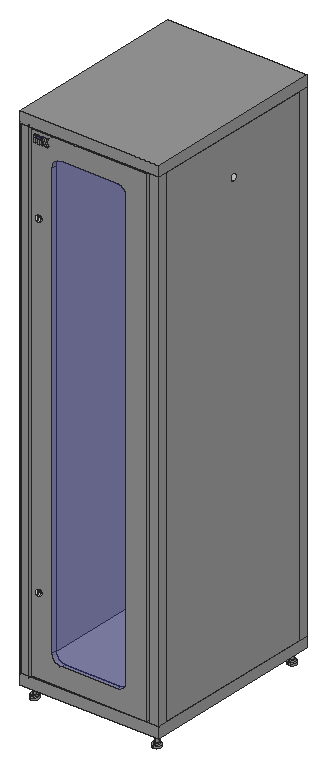
Revit family "ITK_Шкаф сетевой LINEA E_Напольный_18U-47U_IP20", category Электрооборудование, Revit 2019
Family settings
  Размер круглого соединителя = Использовать диаметр
  Тип детали = Другая панель
  На основе рабочей плоскости = Нет
  Всегда вертикально = Да
  При загрузке вырезать с полостями = Нет
  Общий = Нет
  Точка расчета площади = Нет
Parameters (values of type "В2220хШ600хГ800_Черный_2GM")
  Ширина = 600 mm
  Степень защиты = "IP20"
  Ролики = no
  Основание = 56 mm
  Материал стекла (перфорации) = Стекло
  Материал = Окраска - RAL 9005
  Изготовитель = "ITK"  # constant formula
  Дата изменения = ""
  Глубина = 800 mm
  Высота общая = Высота + Основание  # 2276 mm
  Высота = 2220 mm
  УГО двухдверного шкафа = yes
  Тип монтажа = "Напольный"  # constant formula
  ΔХ [instance] = 2000 mm
  ΔY [instance] = 2000 mm
  URL = "https://www.iek.ru/"
  KSI_CPr_Строительные изделия = "61.1.04.08"  # constant formula
  KSI_CMa_Строительные материалы = "10.03.02.06"  # constant formula
  IEK_Цена за единицу = 336888.37
  IEK_Поиск в таблице имен = ""
  IEK_Описание = "Широкий ассортимент исполнений и габаритов.\r\nСборно-разборная конструкция.\r\nL-образная форма 19\" монтажных профилей.\r\n19\" монтажные профили регулируются по глубине и имеют цифровую маркировку высоты в юнитах.\r\nДоступ к внутреннему пространству шкафа возможен с 4-х сторон.\r\nБоковые стенки съёмные, оснащены замком.\r\nВсе токопроводящие элементы конструкции имеют шпильки заземления.\r\nДва точечных дверных замка.\r\nДверь может легко и быстро перенавешиваться.\r\nЗащитная пленка на стекле у обзорной двери.\r\nВентилируемая дверь имеет 75% перфорации.\r\nПолностью совместимы с ассортиментом дверей шкафов LINEA N.\r\nХорошая естественная вентиляция, возможность установки дополнительных вентиляторных панелей серии ПВ.\r\nВозможна одновременная установка шкафа на ножки и на ролики.\r\nНаличие большого количества совместимых аксессуаров и комплектующих производства ITK.\r\nВыполнены в соответствии со стандартами IEC62208, IEC60950, ТР ТС 020/2011, ГОСТ 28601.1-90 и 28601.2-90, ГОСТ 14254.\r\nПоставляются в надёжной и прочной деревянной обрешётке."
  IEK_URL = "https://www.itk-group.ru/produktsiya/catalog/oborudovanie_telekommunikatsionnoe/shkafy_telekommunikatsionnye/shkafy_setevye_napolnye/shkafy_serii_linea_e/600x800mm/itk_shkaf_setevoy_napolnyy_linea_e_47u_600kh800mm_steklyannaya_perednyaya_dver_zadnyaya_metallicheskaya_chernyy"
  ADSK_Примечание = ""
  ADSK_Позиция [instance] = ""
  ADSK_Наименование = "ITK Шкаф сетевой 19\" LINEA E 47U В2220хШ600хГ800 мм, стеклянная передняя дверь, задняя металлическая, черный"
  ADSK_Материал обозначение = ""
  ADSK_Материал наименование = "Листовая сталь"  # constant formula
  ADSK_Масса = 134.79
  ADSK_Марка = "LINEA E"  # constant formula
  ADSK_Код изделия = "LE05-47U68-GM"
  ADSK_Завод-изготовитель = "IEK"  # constant formula
  ADSK_Единица измерения = "шт"  # constant formula
  ADSK_Группирование = "I. ЩИТЫ И ПУЛЬТЫ"  # constant formula
  ADSK_Версия семейства = "1.0"  # constant formula
  ADSK_Версия Revit = "2019"  # constant formula
  ADSK_URL страницы изделия = "https://www.itk-group.ru/produktsiya/catalog/oborudovanie_telekommunikatsionnoe/shkafy_telekommunikatsionnye/shkafy_setevye_napolnye/shkafy_serii_linea_e/600x800mm/?pagec=50"
Reference planes
  plane 1 "По центру (Вперед/Назад)": y = 0
  plane 2: z = 0
  plane 3 "По центру (Влево/Вправо)": x = 0
  plane 4: y = 400
  plane 5: y = -400
  plane 6: x = -300
  plane 7: x = 300
  plane 8 "Высота ножек": z = 56
  plane 9 "Смещение УГО по X": x = -2000
  plane 10 "Смещение УГО по Y": y = 2000
  plane 11: z = 2276
Forms (mm)
  Extrusion 1, solid, detail levels coarse
    sketch origin (0, 0, 0) x (1, 0, 0) y (0, 1, 0)
      loop
        line (-300, 400) -> (-300, -400) -> (300, -400) -> (300, 400) -> (-300, 400)
    from 0 to 2276 <- "Высота общая"
  Extrusion 2, solid, detail levels medium
    sketch origin (0, 0, 0) x (1, 0, 0) y (0, 1, 0)
      loop
        line (-300, 400) -> (-300, -400) -> (300, -400) -> (300, 400) -> (-300, 400)
    from 0 to 2276 <- "Высота общая"
Lines and regions (mm)
  reference lines
    curve 1: line (0, 90, 0) -> (0, -90, 0)
    curve 2: line (-140, 0, 0) -> (100, 0, 0)
Dimensions and locks
  equal spacing: plane 6, plane 3 "По центру (Влево/Вправо)", plane 7
  "Ширина": plane 6 to plane 7
  equal spacing: plane 4, plane 1 "По центру (Вперед/Назад)", plane 5
  "Глубина": plane 4 to plane 5
  "Основание": plane 8 "Высота ножек" to plane 2
  "ΔY": plane 10 "Смещение УГО по Y" to curve 2
  "ΔХ": plane 9 "Смещение УГО по X" to curve 1
  "Высота": plane 11 to plane 8 "Высота ножек"
  aligned and locked: level to plane 2
  aligned and locked: nested 1 to curve 1
  aligned and locked: nested 1 to curve 2
  aligned and locked: Extrusion 1 sketch curve to plane 4
  aligned and locked: Extrusion 1 sketch curve to plane 6
  aligned and locked: Extrusion 1 sketch curve to plane 7
  aligned and locked: Extrusion 1 sketch curve to plane 5
  aligned and locked: Extrusion 2 sketch curve to plane 6
  aligned and locked: Extrusion 2 sketch curve to plane 7
  aligned and locked: Extrusion 2 sketch curve to plane 4
  aligned and locked: Extrusion 2 sketch curve to plane 5
Automatic sketch dimensions
  curve 2 to plane 3 "По центру (Влево/Вправо)" = 140 mm
  plane 3 "По центру (Влево/Вправо)" to curve 2 = 100 mm
  plane 1 "По центру (Вперед/Назад)" to curve 1 = 90 mm
  curve 1 to plane 1 "По центру (Вперед/Назад)" = 90 mm
Nested families
  nested 1: "УГО_шкафа_ITK" at (0, 0, 0), type "УГО двудверного шкафа", detail levels coarse+medium
    with Ширина УГО 600 mm
  nested 2: "Ножки_ITK" at (0, 0, 0), type "Ножки_ITK", detail levels fine
    with Ширина 600 mm, Основание 56 mm
  nested 3: "Комплект роликов" at (0, 0, 0), visible <- "Ролики", Ширина <- "Ширина", Основание <- "Основание", Глубина <- "Глубина", type "Комплект роликов", detail levels fine
    with Ширина 600 mm, Основание 56 mm, Глубина 800 mm
  nested 4: "Панель боковая_ITK_2шт" at (0, 0, 0), type "Панель боковая_ITK_2шт", detail levels fine
    with Высота общая 2276 mm
  nested 5: "Основание_ITK_2шт" at (0, 0, 0), type "Основание_ITK_2шт", detail levels fine
    with Ширина 600 mm, Высота общая 2276 mm
  nested 6: "Стойка_ITK_комплект 4шт" at (0, 0, 0), type "Стойка_ITK_комплект 4шт", detail levels fine
    with Ширина 600 mm, Высота общая 2276 mm
  nested 7: "Комплект двери_мет_зад_ITK" at (0, 0, 0), type "Комплект двери_мет_зад_ITK", detail levels fine
    with Глубина 800 mm, Высота общая 2276 mm
  nested 8: "Комплект двери стеклянной_ITK" at (0, 0, 0), type "Комплект двери стеклянной_ITK", detail levels fine
    with Глубина 800 mm, Высота общая 2276 mm
Connectors
  electrical at (0, 0, 0)
    settings: on Extrusion 1, index 1, voltage 220 V, apparent load 0 VA, apparent load phase1 1 VA, apparent load phase2 0 VA, apparent load phase3 0 VA, power factor 1, load classification "Прочее", number of poles 1, system type 9, power factor state 1, is connector primary yes, connector utility no, sub classification motor no, connector description ""
Definition of nested family "Ножки_ITK"
  Parameters (values of type "Ножки_ITK")
    Ширина = 800 mm
    Основание = 43 mm
    Глубина = 800 mm
  Reference planes
    plane 1 "По центру (Вперед/Назад)": y = 0
    plane 2: z = 0
    plane 3 "По центру (Влево/Вправо)": x = 0
    plane 4: x = -400
    plane 5: x = 400
    plane 6: y = 400
    plane 7: y = -400
    plane 8: y = 365
    plane 9: y = -365
    plane 10 "Ось ножки-1": x = -365
    plane 11 "Ось ножки-2": x = 365
    plane 12: z = 43
  Forms (mm)
    Revolve 1, solid
      sketch origin (-365, 0, -0.503) x (0, 1, 0) y (0, 0, 1)
        loop
          line (-365, 43.503) -> (-365, 0.503) -> (-351, 0.503) -> (-351, 2) -> (-348, 2) -> (-348, 10)
          arc (-348, 10) -> (-348.586, 11.414) -> (-350, 12) r 2
          line (-350, 12) -> (-354.354, 12) -> (-354.354, 19)
          arc (-354.354, 19) -> (-354.647, 19.707) -> (-355.354, 20) r 1
          line (-355.354, 20) -> (-359, 20) -> (-359, 43.503) -> (-365, 43.503)
        axis (-365, 43.503) -> (-365, 0.503)
      angle from 0 to 360
    Revolve 2, solid
      sketch origin (365, 0, -0.503) x (0, 1, 0) y (0, 0, -1)
        loop
          line (-365, -43.503) -> (-359, -43.503) -> (-359, -20) -> (-355.354, -20)
          arc (-355.354, -20) -> (-354.647, -19.707) -> (-354.354, -19) r 1
          line (-354.354, -19) -> (-354.354, -12) -> (-350, -12)
          arc (-350, -12) -> (-348.586, -11.414) -> (-348, -10) r 2
          line (-348, -10) -> (-348, -2) -> (-351, -2) -> (-351, -0.503) -> (-365, -0.503) -> (-365, -43.503)
        axis (-365, -43.503) -> (-365, -0.503)
      angle from 0 to 360
    Revolve 3, solid
      sketch origin (-365, 0, -0.503) x (0, -1, 0) y (0, 0, -1)
        loop
          line (-365, -43.503) -> (-359, -43.503) -> (-359, -20) -> (-355.354, -20)
          arc (-355.354, -20) -> (-354.647, -19.707) -> (-354.354, -19) r 1
          line (-354.354, -19) -> (-354.354, -12) -> (-350, -12)
          arc (-350, -12) -> (-348.586, -11.414) -> (-348, -10) r 2
          line (-348, -10) -> (-348, -2) -> (-351, -2) -> (-351, -0.503) -> (-365, -0.503) -> (-365, -43.503)
        axis (-365, -43.503) -> (-365, -0.503)
      angle from 0 to 360
    Revolve 4, solid
      sketch origin (365, 0, -0.503) x (0, -1, 0) y (0, 0, 1)
        loop
          line (-365, 43.503) -> (-365, 0.503) -> (-351, 0.503) -> (-351, 2) -> (-348, 2) -> (-348, 10)
          arc (-348, 10) -> (-348.586, 11.414) -> (-350, 12) r 2
          line (-350, 12) -> (-354.354, 12) -> (-354.354, 19)
          arc (-354.354, 19) -> (-354.647, 19.707) -> (-355.354, 20) r 1
          line (-355.354, 20) -> (-359, 20) -> (-359, 43.503) -> (-365, 43.503)
        axis (-365, 43.503) -> (-365, 0.503)
      angle from 0 to 360
  Dimensions and locks
    equal spacing: plane 7, plane 1 "По центру (Вперед/Назад)", plane 6
    equal spacing: plane 4, plane 3 "По центру (Влево/Вправо)", plane 5
    "Ширина": plane 4 to plane 5
    "Глубина": plane 7 to plane 6
    "Основание": plane 12 to plane 2
    locked: plane 6 to plane 8 at 35
    locked: plane 7 to plane 9 at 35
    locked: plane 4 to plane 10 "Ось ножки-1" at 35
    locked: plane 11 "Ось ножки-2" to plane 5 at 35
    aligned and locked: level to plane 2
    aligned and locked: plane 10 "Ось ножки-1" to Revolve 1
    aligned and locked: plane 11 "Ось ножки-2" to Revolve 4
    aligned and locked: plane 11 "Ось ножки-2" to Revolve 2
    aligned and locked: plane 10 "Ось ножки-1" to Revolve 3
    aligned and locked: plane 12 to Revolve 1
    aligned and locked: Revolve 3 to plane 12
    aligned and locked: Revolve 2 to plane 12
    aligned and locked: plane 12 to Revolve 4
  Automatic sketch dimensions
    Revolve 1 sketch curve to plane 9 = 0 mm  (x2)
    level to Revolve 1 sketch curve = 0 mm
    Revolve 1 sketch curve to plane 9 = 6 mm
    Revolve 1 sketch curve to Revolve 1 sketch curve = 3.646 mm
    Revolve 1 sketch curve to Revolve 1 sketch curve = 1 mm
    Revolve 1 sketch curve to Revolve 1 sketch curve = 3.354 mm
    Revolve 1 sketch curve to Revolve 1 sketch curve = 4.354 mm
    Revolve 1 sketch curve to Revolve 1 sketch curve = 2 mm
    level to Revolve 1 sketch curve = 1.497 mm
    Revolve 1 sketch curve to plane 12 = 0 mm
    Revolve 1 sketch curve to level = 305.303 mm
    Revolve 2 sketch curve to plane 9 = 0 mm  (x2)
    level to Revolve 2 sketch curve = 0 mm
    Revolve 2 sketch curve to plane 9 = 6 mm
    Revolve 2 sketch curve to Revolve 2 sketch curve = 3.646 mm
    Revolve 2 sketch curve to Revolve 2 sketch curve = 1 mm
    Revolve 2 sketch curve to Revolve 2 sketch curve = 3.354 mm
    Revolve 2 sketch curve to Revolve 2 sketch curve = 4.354 mm
    Revolve 2 sketch curve to Revolve 2 sketch curve = 2 mm
    Revolve 2 sketch curve to plane 12 = 0 mm
    level to Revolve 2 sketch curve = 1.497 mm
    Revolve 2 sketch curve to level = 305.303 mm
    Revolve 3 sketch curve to plane 8 = 0 mm  (x2)
    level to Revolve 3 sketch curve = 0 mm
    Revolve 3 sketch curve to plane 8 = 6 mm
    Revolve 3 sketch curve to Revolve 3 sketch curve = 3.646 mm
    Revolve 3 sketch curve to Revolve 3 sketch curve = 1 mm
    Revolve 3 sketch curve to Revolve 3 sketch curve = 3.354 mm
    Revolve 3 sketch curve to Revolve 3 sketch curve = 4.354 mm
    Revolve 3 sketch curve to Revolve 3 sketch curve = 2 mm
    Revolve 3 sketch curve to plane 12 = 0 mm
    level to Revolve 3 sketch curve = 1.497 mm
    Revolve 3 sketch curve to level = 305.303 mm
    Revolve 4 sketch curve to plane 8 = 0 mm  (x2)
    level to Revolve 4 sketch curve = 0 mm
    Revolve 4 sketch curve to plane 8 = 6 mm
    Revolve 4 sketch curve to Revolve 4 sketch curve = 3.646 mm
    Revolve 4 sketch curve to Revolve 4 sketch curve = 1 mm
    Revolve 4 sketch curve to Revolve 4 sketch curve = 3.354 mm
    Revolve 4 sketch curve to Revolve 4 sketch curve = 4.354 mm
    Revolve 4 sketch curve to Revolve 4 sketch curve = 2 mm
    level to Revolve 4 sketch curve = 1.497 mm
    Revolve 4 sketch curve to plane 12 = 0 mm
    Revolve 4 sketch curve to level = 305.303 mm
    Revolve 1 sketch curve to Revolve 1 sketch curve = 8 mm
    Revolve 1 sketch curve to Revolve 1 sketch curve = 7 mm
    level to Revolve 2 sketch curve = 19.497 mm
    Revolve 2 sketch curve to Revolve 2 sketch curve = 7 mm
    level to Revolve 3 sketch curve = 19.497 mm
    Revolve 3 sketch curve to Revolve 3 sketch curve = 7 mm
    Revolve 4 sketch curve to Revolve 4 sketch curve = 8 mm
    Revolve 4 sketch curve to Revolve 4 sketch curve = 7 mm
    plane 12 to Revolve 1 sketch curve = 2387.897 mm
    plane 12 to Revolve 2 sketch curve = 2387.897 mm
    plane 12 to Revolve 3 sketch curve = 2387.897 mm
    plane 12 to Revolve 4 sketch curve = 2387.897 mm
Definition of nested family "Комплект роликов"
  Parameters (values of type "Комплект роликов")
    Ширина [instance] = 800 mm
    Основание [instance] = 43 mm
    Глубина [instance] = 800 mm
  Reference planes
    plane 1 "По центру (Вперед/Назад)": y = 0
    plane 2: z = 0
    plane 3 "По центру (Влево/Вправо)": x = 0
    plane 4: x = -400
    plane 5: x = 400
    plane 6: y = 400
    plane 7: y = -400
    plane 8: y = 300
    plane 9: y = -300
    plane 10 "Ось ножки-1": x = -300
    plane 11 "Ось ножки-2": x = 300
    plane 12: z = 43
    plane 13: z = 20
  Forms (mm)
    Revolve 1, solid
      sketch origin (-300, -12, 0) x (0, 1, 0) y (0, 0, 1)
        loop
          line (-300, 0) -> (-290, 0) -> (-290, 15) -> (-300, 15) -> (-310, 15) -> (-310, 0) -> (-300, 0)
        axis (-310, 20) -> (-290, 20)
      angle from 0 to 360
    Extrusion 2, solid
      sketch origin (-300.035, -12, 0) x (1, 0, 0) y (0, 0, 1)
        loop
          line (-35, 43) -> (-19.39, 18.019)
          arc (-19.39, 18.019) -> (-15.758, 14.572) -> (-10.91, 13.318) r 10
          line (-10.91, 13.318) -> (0, 13.318) -> (10.979, 13.318)
          arc (10.979, 13.318) -> (15.828, 14.572) -> (19.46, 18.019) r 10
          line (19.46, 18.019) -> (35.07, 43) -> (-35, 43)
      from 310 to 312
    Extrusion 3, solid
      sketch origin (-300.035, 10, 0) x (1, 0, 0) y (0, 0, 1)
        loop
          line (-35, 43) -> (-19.39, 18.019)
          arc (-19.39, 18.019) -> (-15.758, 14.572) -> (-10.91, 13.318) r 10
          line (-10.91, 13.318) -> (0, 13.318) -> (10.979, 13.318)
          arc (10.979, 13.318) -> (15.828, 14.572) -> (19.46, 18.019) r 10
          line (19.46, 18.019) -> (35.07, 43) -> (-35, 43)
      from 310 to 312
    Revolve 4, solid
      sketch origin (-300, 612, 0) x (0, 1, 0) y (0, 0, 1)
        loop
          line (-300, 0) -> (-290, 0) -> (-290, 15) -> (-300, 15) -> (-310, 15) -> (-310, 0) -> (-300, 0)
        axis (-310, 20) -> (-290, 20)
      angle from 0 to 360
    Extrusion 5, solid
      sketch origin (-268.608, 574, 0) x (1, 0, 0) y (0, 0, 1)
        loop
          line (-66.426, 43) -> (-50.817, 18.019)
          arc (-50.817, 18.019) -> (-47.184, 14.572) -> (-42.336, 13.318) r 10
          line (-42.336, 13.318) -> (-31.426, 13.318) -> (-20.447, 13.318)
          arc (-20.447, 13.318) -> (-15.599, 14.572) -> (-11.966, 18.019) r 10
          line (-11.966, 18.019) -> (3.643, 43) -> (-66.426, 43)
      from 272 to 274
    Extrusion 6, solid
      sketch origin (-300.035, 596, 0) x (1, 0, 0) y (0, 0, 1)
        loop
          line (-35, 43) -> (-19.39, 18.019)
          arc (-19.39, 18.019) -> (-15.758, 14.572) -> (-10.91, 13.318) r 10
          line (-10.91, 13.318) -> (0, 13.318) -> (10.979, 13.318)
          arc (10.979, 13.318) -> (15.828, 14.572) -> (19.46, 18.019) r 10
          line (19.46, 18.019) -> (35.07, 43) -> (-35, 43)
      from 272 to 274
    Revolve 7, solid
      sketch origin (300, 612, 0) x (0, 1, 0) y (0, 0, 1)
        loop
          line (-300, 0) -> (-290, 0) -> (-290, 15) -> (-300, 15) -> (-310, 15) -> (-310, 0) -> (-300, 0)
        axis (-310, 20) -> (-290, 20)
      angle from 0 to 360
    Extrusion 8, solid
      sketch origin (11.392, 574, 0) x (1, 0, 0) y (0, 0, 1)
        loop
          line (253.574, 43) -> (269.183, 18.019)
          arc (269.183, 18.019) -> (272.816, 14.572) -> (277.664, 13.318) r 10
          line (277.664, 13.318) -> (288.574, 13.318) -> (299.553, 13.318)
          arc (299.553, 13.318) -> (304.401, 14.572) -> (308.034, 18.019) r 10
          line (308.034, 18.019) -> (323.643, 43) -> (253.574, 43)
      from 272 to 274
    Extrusion 9, solid
      sketch origin (-20.035, 596, 0) x (1, 0, 0) y (0, 0, 1)
        loop
          line (285, 43) -> (300.61, 18.019)
          arc (300.61, 18.019) -> (304.242, 14.572) -> (309.09, 13.318) r 10
          line (309.09, 13.318) -> (320, 13.318) -> (330.979, 13.318)
          arc (330.979, 13.318) -> (335.828, 14.572) -> (339.46, 18.019) r 10
          line (339.46, 18.019) -> (355.07, 43) -> (285, 43)
      from 272 to 274
    Revolve 10, solid
      sketch origin (300, 338, 0) x (0, 1, 0) y (0, 0, 1)
        loop
          line (-650, 0) -> (-640, 0) -> (-640, 15) -> (-650, 15) -> (-660, 15) -> (-660, 0) -> (-650, 0)
        axis (-660, 20) -> (-640, 20)
      angle from 0 to 360
    Extrusion 11, solid
      sketch origin (11.392, 300, 0) x (1, 0, 0) y (0, 0, 1)
        loop
          line (253.574, 43) -> (269.183, 18.019)
          arc (269.183, 18.019) -> (272.816, 14.572) -> (277.664, 13.318) r 10
          line (277.664, 13.318) -> (288.574, 13.318) -> (299.553, 13.318)
          arc (299.553, 13.318) -> (304.401, 14.572) -> (308.034, 18.019) r 10
          line (308.034, 18.019) -> (323.643, 43) -> (253.574, 43)
      from 622 to 624
    Extrusion 12, solid
      sketch origin (-20.035, 322, 0) x (1, 0, 0) y (0, 0, 1)
        loop
          line (285, 43) -> (300.61, 18.019)
          arc (300.61, 18.019) -> (304.242, 14.572) -> (309.09, 13.318) r 10
          line (309.09, 13.318) -> (320, 13.318) -> (330.979, 13.318)
          arc (330.979, 13.318) -> (335.828, 14.572) -> (339.46, 18.019) r 10
          line (339.46, 18.019) -> (355.07, 43) -> (285, 43)
      from 622 to 624
  Dimensions and locks
    equal spacing: plane 7, plane 1 "По центру (Вперед/Назад)", plane 6
    equal spacing: plane 4, plane 3 "По центру (Влево/Вправо)", plane 5
    "Ширина": plane 4 to plane 5
    "Глубина": plane 7 to plane 6
    "Основание": plane 12 to plane 2
    locked: plane 6 to plane 8 at 100
    locked: plane 7 to plane 9 at 100
    locked: plane 4 to plane 10 "Ось ножки-1" at 100
    locked: plane 11 "Ось ножки-2" to plane 5 at 100
    plane 13 to level = 20 mm
    Extrusion 2 to plane 10 "Ось ножки-1" to Extrusion 2 = 35.035 mm locked, 35.035 mm locked
    locked: Extrusion 3 to plane 9 at 2
    locked: Extrusion 2 to Extrusion 2 at 2
    locked: Extrusion 2 to Extrusion 3 at 20
    locked: Extrusion 5 to plane 8 at 2
    locked: Extrusion 6 to Extrusion 6 at 2
    locked: Extrusion 5 to Extrusion 6 at 20
    locked: Extrusion 9 to Extrusion 9 at 2
    locked: Extrusion 8 to Extrusion 9 at 20  (x2)
    locked: Extrusion 8 to plane 8 at 2
    locked: Extrusion 12 to Extrusion 12 at 2
    locked: Extrusion 11 to Extrusion 12 at 20  (x2)
    locked: Extrusion 11 to Extrusion 11 at 2
    aligned and locked: level to plane 2
    aligned and locked: plane 10 "Ось ножки-1" to Revolve 1
    aligned and locked: Extrusion 2 to Revolve 1
    aligned and locked: Extrusion 5 to Revolve 4
    aligned and locked: plane 10 "Ось ножки-1" to Revolve 4
    aligned and locked: Extrusion 3 to plane 9
    aligned and locked: Revolve 1 to Extrusion 3
    aligned and locked: Extrusion 5 to plane 8
    aligned and locked: Revolve 4 to Extrusion 6
    aligned and locked: Extrusion 8 to Revolve 7
    aligned and locked: Revolve 7 to Extrusion 9
    aligned and locked: plane 11 "Ось ножки-2" to Revolve 7
    aligned and locked: Extrusion 8 to plane 8
    aligned and locked: Extrusion 11 to Revolve 10
    aligned and locked: Revolve 10 to Extrusion 12
    aligned and locked: Extrusion 12 to plane 9
    aligned and locked: plane 11 "Ось ножки-2" to Revolve 10
  Automatic sketch dimensions
    Revolve 1 sketch curve to plane 13 = 0 mm
    Revolve 1 sketch curve to level = 0 mm
    plane 9 to Revolve 1 sketch curve = 22 mm
    Revolve 1 sketch curve to Revolve 1 sketch curve = 10 mm  (x2)
    Revolve 1 sketch curve to plane 13 = 5 mm
    plane 9 to Revolve 1 sketch curve = 2 mm
    plane 7 to Revolve 1 sketch curve = 27.065 mm
    Revolve 1 sketch curve to plane 8 = 39.968 mm
    Extrusion 2 sketch curve to plane 12 = 0 mm
    Extrusion 2 sketch curve to plane 10 "Ось ножки-1" = 35.035 mm
    Extrusion 2 sketch curve to plane 13 = 1.981 mm  (x2)
    Extrusion 2 sketch curve to plane 10 "Ось ножки-1" = 19.425 mm
    plane 13 to Extrusion 2 sketch curve = 3.318 mm  (x2)
    Extrusion 2 sketch curve to Extrusion 2 sketch curve = 8.48 mm
    Extrusion 2 sketch curve to plane 10 "Ось ножки-1" = 0.035 mm
    plane 10 "Ось ножки-1" to Extrusion 2 sketch curve = 10.945 mm
    Extrusion 2 sketch curve to Extrusion 2 sketch curve = 15.61 mm
    Extrusion 3 sketch curve to plane 12 = 0 mm
    Extrusion 3 sketch curve to plane 10 "Ось ножки-1" = 35.035 mm
    Extrusion 3 sketch curve to plane 13 = 1.981 mm  (x2)
    Extrusion 3 sketch curve to plane 10 "Ось ножки-1" = 19.425 mm
    plane 13 to Extrusion 3 sketch curve = 3.318 mm  (x2)
    Extrusion 3 sketch curve to Extrusion 3 sketch curve = 8.48 mm
    Extrusion 3 sketch curve to plane 10 "Ось ножки-1" = 0.035 mm
    plane 10 "Ось ножки-1" to Extrusion 3 sketch curve = 10.945 mm
    Extrusion 3 sketch curve to Extrusion 3 sketch curve = 15.61 mm
    Revolve 4 sketch curve to plane 13 = 0 mm
    Revolve 4 sketch curve to level = 0 mm
    plane 8 to Revolve 4 sketch curve = 2 mm
    Revolve 4 sketch curve to Revolve 4 sketch curve = 10 mm  (x3)
    Revolve 4 sketch curve to plane 13 = 5 mm
    Revolve 4 sketch curve to plane 1 "По центру (Вперед/Назад)" = 7.935 mm
    plane 6 to Revolve 4 sketch curve = 295.032 mm
    Extrusion 5 sketch curve to plane 12 = 0 mm
    Extrusion 5 sketch curve to plane 10 "Ось ножки-1" = 35.035 mm
    Extrusion 5 sketch curve to plane 13 = 1.981 mm  (x2)
    Extrusion 5 sketch curve to plane 10 "Ось ножки-1" = 19.425 mm
    plane 13 to Extrusion 5 sketch curve = 3.318 mm  (x2)
    Extrusion 5 sketch curve to Extrusion 5 sketch curve = 8.48 mm
    Extrusion 5 sketch curve to plane 10 "Ось ножки-1" = 0.035 mm
    plane 10 "Ось ножки-1" to Extrusion 5 sketch curve = 10.945 mm
    Extrusion 5 sketch curve to Extrusion 5 sketch curve = 15.61 mm
    Extrusion 6 sketch curve to plane 12 = 0 mm
    Extrusion 6 sketch curve to plane 10 "Ось ножки-1" = 35.035 mm
    Extrusion 6 sketch curve to plane 13 = 1.981 mm  (x2)
    Extrusion 6 sketch curve to plane 10 "Ось ножки-1" = 19.425 mm
    plane 13 to Extrusion 6 sketch curve = 3.318 mm  (x2)
    Extrusion 6 sketch curve to Extrusion 6 sketch curve = 8.48 mm
    Extrusion 6 sketch curve to plane 10 "Ось ножки-1" = 0.035 mm
    plane 10 "Ось ножки-1" to Extrusion 6 sketch curve = 10.945 mm
    Extrusion 6 sketch curve to Extrusion 6 sketch curve = 15.61 mm
    Revolve 7 sketch curve to plane 13 = 0 mm
    Revolve 7 sketch curve to level = 0 mm
    plane 8 to Revolve 7 sketch curve = 2 mm
    Revolve 7 sketch curve to Revolve 7 sketch curve = 10 mm  (x3)
    Revolve 7 sketch curve to plane 13 = 5 mm
    Revolve 7 sketch curve to plane 1 "По центру (Вперед/Назад)" = 7.935 mm
    plane 6 to Revolve 7 sketch curve = 295.032 mm
    Extrusion 8 sketch curve to plane 12 = 0 mm
    plane 11 "Ось ножки-2" to Extrusion 8 sketch curve = 35.035 mm
    Extrusion 8 sketch curve to plane 13 = 1.981 mm  (x2)
    plane 11 "Ось ножки-2" to Extrusion 8 sketch curve = 19.425 mm
    plane 13 to Extrusion 8 sketch curve = 3.318 mm  (x2)
    Extrusion 8 sketch curve to Extrusion 8 sketch curve = 8.48 mm
    plane 11 "Ось ножки-2" to Extrusion 8 sketch curve = 0.035 mm
    Extrusion 8 sketch curve to plane 11 "Ось ножки-2" = 10.945 mm
    Extrusion 8 sketch curve to Extrusion 8 sketch curve = 15.61 mm
    Extrusion 9 sketch curve to plane 12 = 0 mm
    plane 11 "Ось ножки-2" to Extrusion 9 sketch curve = 35.035 mm
    Extrusion 9 sketch curve to plane 13 = 1.981 mm  (x2)
    plane 11 "Ось ножки-2" to Extrusion 9 sketch curve = 19.425 mm
    plane 13 to Extrusion 9 sketch curve = 3.318 mm  (x2)
    Extrusion 9 sketch curve to Extrusion 9 sketch curve = 8.48 mm
    plane 11 "Ось ножки-2" to Extrusion 9 sketch curve = 0.035 mm
    Extrusion 9 sketch curve to plane 11 "Ось ножки-2" = 10.945 mm
    Extrusion 9 sketch curve to Extrusion 9 sketch curve = 15.61 mm
    Revolve 10 sketch curve to plane 13 = 0 mm
    Revolve 10 sketch curve to level = 0 mm
    plane 9 to Revolve 10 sketch curve = 22 mm
    Revolve 10 sketch curve to Revolve 10 sketch curve = 10 mm  (x2)
    Revolve 10 sketch curve to plane 13 = 5 mm
    plane 9 to Revolve 10 sketch curve = 2 mm
    plane 7 to Revolve 10 sketch curve = 41.065 mm
    plane 6 to Revolve 10 sketch curve = 21.032 mm
    Extrusion 11 sketch curve to plane 12 = 0 mm
    plane 11 "Ось ножки-2" to Extrusion 11 sketch curve = 35.035 mm
    Extrusion 11 sketch curve to plane 13 = 1.981 mm  (x2)
    plane 11 "Ось ножки-2" to Extrusion 11 sketch curve = 19.425 mm
    plane 13 to Extrusion 11 sketch curve = 3.318 mm  (x2)
    Extrusion 11 sketch curve to Extrusion 11 sketch curve = 8.48 mm
    plane 11 "Ось ножки-2" to Extrusion 11 sketch curve = 0.035 mm
    Extrusion 11 sketch curve to plane 11 "Ось ножки-2" = 10.945 mm
    Extrusion 11 sketch curve to Extrusion 11 sketch curve = 15.61 mm
    Extrusion 12 sketch curve to plane 12 = 0 mm
    plane 11 "Ось ножки-2" to Extrusion 12 sketch curve = 35.035 mm
    Extrusion 12 sketch curve to plane 13 = 1.981 mm  (x2)
    plane 11 "Ось ножки-2" to Extrusion 12 sketch curve = 19.425 mm
    plane 13 to Extrusion 12 sketch curve = 3.318 mm  (x2)
    Extrusion 12 sketch curve to Extrusion 12 sketch curve = 8.48 mm
    plane 11 "Ось ножки-2" to Extrusion 12 sketch curve = 0.035 mm
    Extrusion 12 sketch curve to plane 11 "Ось ножки-2" = 10.945 mm
    Extrusion 12 sketch curve to Extrusion 12 sketch curve = 15.61 mm
Definition of nested family "Панель боковая_ITK_2шт"
  Parameters (values of type "Панель боковая_ITK_2шт")
    Ширина = 600 mm
    Основание = 56 mm
    Материал = none
    Глубина = 800 mm
    Высота общая = 2056 mm
  Reference planes
    plane 1 "По центру (Вперед/Назад)": y = 0
    plane 2: z = 0
    plane 3 "По центру (Влево/Вправо)": x = 0
    plane 4: x = -300
    plane 5: x = 300
    plane 6: y = 400
    plane 7: y = -400
    plane 8: y = 360
    plane 9: y = -360
    plane 10: x = -260
    plane 11: x = 260
    plane 12: z = 2011
    plane 13: z = 101
    plane 14: z = 2006
    plane 15: z = 106
    plane 16: z = 56
    plane 17: z = 2056
    plane 18: z = 1389.333
    plane 19: z = 722.667
  Forms (mm)
    Extrusion 1, solid, material <- "Материал"
      sketch origin (0, 0, 0) x (1, 0, 0) y (0, 1, 0)
        loop
          line (-300, 355) -> (-300, -355) -> (-269.98, -355) -> (-269.98, -345) -> (-289.98, -345) -> (-289.98, 345) -> (-270, 345) -> (-270, 355) -> (-300, 355)
        loop
          line (300, 355) -> (269.98, 355) -> (269.98, 345) -> (289.98, 345) -> (289.98, -345) -> (269.98, -345) -> (269.98, -355) -> (300, -355) -> (300, 355)
      from 106 to 2006
  Dimensions and locks
    equal spacing: plane 7, plane 1 "По центру (Вперед/Назад)", plane 6
    equal spacing: plane 4, plane 3 "По центру (Влево/Вправо)", plane 5
    "Ширина": plane 4 to plane 5
    "Глубина": plane 7 to plane 6
    locked: plane 7 to plane 9 at 40
    locked: plane 6 to plane 8 at 40
    locked: plane 11 to plane 5 at 40
    locked: plane 4 to plane 10 at 40
    locked: plane 12 to plane 14 at 5
    locked: plane 15 to plane 13 at 5
    locked: plane 13 to plane 16 at 45
    "Основание": plane 16 to plane 2
    locked: plane 17 to plane 12 at 45
    equal spacing: plane 17, plane 18, plane 19, plane 16
    "Высота общая": plane 17 to plane 2
    locked: plane 14 to nested 1 at 170
    locked: plane 14 to nested 2 at 170
    aligned and locked: level to plane 2
    aligned and locked: plane 4 to Extrusion 1 sketch curve
    aligned and locked: Extrusion 1 sketch curve to plane 5
    aligned and locked: plane 14 to Extrusion 1
    aligned and locked: Extrusion 1 to plane 15
    aligned and locked: nested 1 to plane 1 "По центру (Вперед/Назад)"
    aligned and locked: nested 2 to plane 1 "По центру (Вперед/Назад)"
  Automatic sketch dimensions
    plane 4 to Extrusion 1 sketch curve = 10.02 mm
    Extrusion 1 sketch curve to plane 10 = 10 mm
    Extrusion 1 sketch curve to plane 10 = 9.98 mm
    Extrusion 1 sketch curve to plane 11 = 9.98 mm  (x2)
    plane 5 to Extrusion 1 sketch curve = 10.02 mm
    Extrusion 1 sketch curve to plane 9 = 15 mm  (x2)
    Extrusion 1 sketch curve to plane 8 = 15 mm  (x2)
    Extrusion 1 sketch curve to plane 9 = 5 mm  (x2)
    Extrusion 1 sketch curve to plane 8 = 5 mm  (x2)
  Nested families
    nested 1: "Замок_ITK" at (-300, 0, 1836) x (0, 1, 0) z (-1, 0, 0), type "Замок_ITK", detail levels fine
    nested 2: "Замок_ITK" at (300, 0, 1836) x (0, 1, 0) z (1, 0, 0), type "Замок_ITK"
  Definition of nested family "Замок_ITK"
    Parameters (values of type "Замок_ITK")
      Default Elevation = 1219.2 mm
      Материал = none
    Reference planes
      plane 1 "По центру (Вперед/Назад)": y = 0
      plane 2: z = 0
      plane 3 "По центру (Влево/Вправо)": x = 0
    Forms (mm)
      Extrusion 1, solid
        sketch origin (0, 0, 0) x (1, 0, 0) y (0, 1, 0)
          loop
            line (-1219.2, 1219.2) -> (-1219.2, -1219.2) -> (1219.2, -1219.2) -> (1219.2, 1219.2) -> (-1219.2, 1219.2)
        from 0 to -304.8
      Extrusion 2, solid
        sketch origin (0, 0, 0) x (1, 0, 0) y (0, 1, 0)
          loop
            circle (0, 0) r 11.5
          loop
            line (1, 5.5) -> (-1, 5.5) -> (-1, -8.219) -> (1, -8.219) -> (1, 5.5)
        from 0 to 4
    Dimensions and locks
      aligned and locked: plane 2 to Extrusion 1
      aligned and locked: level to Extrusion 1
Definition of nested family "Основание_ITK_2шт"
  Parameters (values of type "Основание_ITK_2шт")
    Ширина = 800 mm
    Основание = 56 mm
    Материал = none
    Глубина = 800 mm
    Высота общая = 1650 mm
  Reference planes
    plane 1 "По центру (Вперед/Назад)": y = 0
    plane 2: z = 0
    plane 3 "По центру (Влево/Вправо)": x = 0
    plane 4: x = -400
    plane 5: x = 400
    plane 6: y = 400
    plane 7: y = -400
    plane 8: y = 360
    plane 9: y = -360
    plane 10: x = -360
    plane 11: x = 360
    plane 12: z = 101
    plane 13: z = 56
    plane 14: z = 1650
    plane 15: z = 1605
    plane 16: z = 1600
    plane 17: z = 106
  Forms (mm)
    Extrusion 1, solid, material <- "Материал"
      sketch origin (0, 0, 0) x (1, 0, 0) y (0, 0, 1)
        loop
          line (-400, 1650) -> (-400, 1605) -> (400, 1605) -> (400, 1650) -> (-400, 1650)
        loop
          line (-400, 101) -> (-400, 56) -> (400, 56) -> (400, 101) -> (-400, 101)
      from -400 to 400
    Extrusion 2, solid, material <- "Материал"
      sketch origin (-1511.359, -1524, 1605) x (-1, 0, 0) y (0, -1, 0)
        loop
          line (-1871.359, -1869) -> (-1871.359, -1884) -> (-1856.359, -1884) -> (-1856.359, -1914) -> (-1166.359, -1914) -> (-1166.359, -1884) -> (-1151.359, -1884) -> (-1151.359, -1869) -> (-1121.359, -1869) -> (-1121.359, -1179) -> (-1151.359, -1179) -> (-1151.359, -1164) -> (-1166.359, -1164) -> (-1166.359, -1144) -> (-1856.359, -1144) -> (-1856.359, -1164) -> (-1871.359, -1164) -> (-1871.359, -1179) -> (-1901.359, -1179) -> (-1901.359, -1869) -> (-1871.359, -1869)
      from -5 to 0
    Extrusion 3, solid, material <- "Материал"
      sketch origin (-1511.359, -1524, 384.733) x (0, 1, 0) y (1, 0, 0)
        loop
          line (1869, 1871.359) -> (1869, 1901.359) -> (1179, 1901.359) -> (1179, 1871.359) -> (1164, 1871.359) -> (1164, 1856.359) -> (1144, 1856.359) -> (1144, 1166.359) -> (1164, 1166.359) -> (1164, 1151.359) -> (1179, 1151.359) -> (1179, 1121.359) -> (1869, 1121.359) -> (1869, 1151.359) -> (1884, 1151.359) -> (1884, 1166.359) -> (1914, 1166.359) -> (1914, 1856.359) -> (1884, 1856.359) -> (1884, 1871.359) -> (1869, 1871.359)
      from 278.733 to 283.733
  Dimensions and locks
    equal spacing: plane 7, plane 1 "По центру (Вперед/Назад)", plane 6
    equal spacing: plane 4, plane 3 "По центру (Влево/Вправо)", plane 5
    "Ширина": plane 4 to plane 5
    "Глубина": plane 7 to plane 6
    locked: plane 7 to plane 9 at 40
    locked: plane 6 to plane 8 at 40
    locked: plane 11 to plane 5 at 40
    locked: plane 4 to plane 10 at 40
    "Основание": plane 13 to plane 2
    locked: plane 12 to plane 13 at 45
    locked: plane 14 to plane 15 at 45
    locked: plane 15 to plane 16 at 5
    locked: plane 17 to plane 12 at 5
    "Высота общая": plane 14 to plane 2
    aligned and locked: level to plane 2
    aligned and locked: Extrusion 1 sketch curve to plane 14
    aligned and locked: plane 4 to Extrusion 1 sketch curve  (x2)
    aligned and locked: plane 15 to Extrusion 1 sketch curve
    aligned and locked: plane 5 to Extrusion 1 sketch curve  (x2)
    aligned and locked: Extrusion 1 sketch curve to plane 12
    aligned and locked: plane 13 to Extrusion 1 sketch curve
    aligned and locked: plane 6 to Extrusion 1
    aligned and locked: plane 7 to Extrusion 1
    aligned and locked: plane 9 to Extrusion 2 sketch curve
    aligned and locked: Extrusion 2 sketch curve to plane 9
    aligned and locked: Extrusion 2 sketch curve to plane 10
    aligned and locked: plane 11 to Extrusion 2 sketch curve
    aligned and locked: Extrusion 2 sketch curve to plane 11
    aligned and locked: plane 8 to Extrusion 2 sketch curve
    aligned and locked: Extrusion 2 sketch curve to plane 8
    aligned and locked: plane 10 to Extrusion 2 sketch curve
    aligned and locked: plane 15 to Extrusion 2
    aligned and locked: Extrusion 2 to plane 16
    aligned and locked: Extrusion 3 to plane 12
    aligned and locked: plane 17 to Extrusion 3
    aligned and locked: Extrusion 2 sketch curve to Extrusion 3
  Automatic sketch dimensions
    plane 5 to Extrusion 2 sketch curve = 10 mm
    Extrusion 2 sketch curve to Extrusion 2 sketch curve = 15 mm  (x2)
    plane 10 to Extrusion 2 sketch curve = 15 mm  (x2)
    plane 4 to Extrusion 2 sketch curve = 10 mm
    Extrusion 2 sketch curve to plane 6 = 10 mm
    Extrusion 2 sketch curve to plane 8 = 15 mm  (x2)
    Extrusion 2 sketch curve to plane 9 = 15 mm  (x2)
    plane 9 to Extrusion 3 sketch curve = 0 mm  (x2)
    Extrusion 3 sketch curve to plane 11 = 0 mm  (x2)
    Extrusion 3 sketch curve to plane 10 = 0 mm  (x2)
    Extrusion 3 sketch curve to plane 8 = 0 mm  (x2)
    Extrusion 3 sketch curve to plane 7 = 20 mm
    Extrusion 3 sketch curve to plane 9 = 15 mm  (x2)
    Extrusion 3 sketch curve to Extrusion 3 sketch curve = 15 mm  (x3)
    Extrusion 3 sketch curve to plane 8 = 15 mm
    Extrusion 3 sketch curve to plane 6 = 10 mm
    plane 5 to Extrusion 3 sketch curve = 10 mm
    plane 10 to Extrusion 3 sketch curve = 15 mm  (x2)
    plane 4 to Extrusion 3 sketch curve = 10 mm
Definition of nested family "Стойка_ITK_комплект 4шт"
  Parameters (values of type "Стойка_ITK_комплект 4шт")
    Ширина = 800 mm
    Основание = 56 mm
    Материал = none
    Глубина = 800 mm
    Высота общая = 1706 mm
  Reference planes
    plane 1 "По центру (Вперед/Назад)": y = 0
    plane 2: z = 0
    plane 3 "По центру (Влево/Вправо)": x = 0
    plane 4: x = -400
    plane 5: x = 400
    plane 6: y = 400
    plane 7: y = -400
    plane 8: y = 360
    plane 9: y = -360
    plane 10: x = -360
    plane 11: x = 360
    plane 12: z = 1666
    plane 13: z = 96
    plane 14: z = 56
    plane 15: z = 1706
  Forms (mm)
    Extrusion 1, solid, material <- "Материал"
      sketch origin (0, 0, 0) x (1, 0, 0) y (0, 1, 0)
        loop
          line (-400, -360) -> (-400, -400) -> (-360, -400) -> (-360, -380) -> (-345, -380) -> (-345, -360) -> (-360, -360) -> (-360, -345) -> (-370, -345) -> (-370, -360) -> (-400, -360)
        loop
          line (400, -360) -> (370, -360) -> (370, -345) -> (360, -345) -> (360, -360) -> (345, -360) -> (345, -380) -> (360, -380) -> (360, -400) -> (400, -400) -> (400, -360)
        loop
          line (400, 360) -> (400, 400) -> (360, 400) -> (360, 370) -> (345, 370) -> (345, 360) -> (360, 360) -> (360, 345) -> (370, 345) -> (370, 360) -> (400, 360)
        loop
          line (-400, 360) -> (-370, 360) -> (-370, 345) -> (-360, 345) -> (-360, 360) -> (-345, 360) -> (-345, 370) -> (-360, 370) -> (-360, 400) -> (-400, 400) -> (-400, 360)
        loop
          line (397, 397) -> (363, 397) -> (363, 367) -> (348, 367) -> (348, 363) -> (363, 363) -> (363, 348) -> (367, 348) -> (367, 363) -> (397, 363) -> (397, 397)
        loop
          line (-363, 397) -> (-397, 397) -> (-397, 363) -> (-367, 363) -> (-367, 348) -> (-363, 348) -> (-363, 363) -> (-348, 363) -> (-348, 367) -> (-363, 367) -> (-363, 397)
        loop
          line (-397, -363) -> (-397, -397) -> (-363, -397) -> (-363, -377) -> (-348, -377) -> (-348, -363) -> (-363, -363) -> (-363, -348) -> (-367, -348) -> (-367, -363) -> (-397, -363)
        loop
          line (363, -397) -> (397, -397) -> (397, -363) -> (367, -363) -> (367, -348) -> (363, -348) -> (363, -363) -> (348, -363) -> (348, -377) -> (363, -377) -> (363, -397)
      from 96 to 1666
  Dimensions and locks
    equal spacing: plane 7, plane 1 "По центру (Вперед/Назад)", plane 6
    equal spacing: plane 4, plane 3 "По центру (Влево/Вправо)", plane 5
    "Ширина": plane 4 to plane 5
    "Глубина": plane 7 to plane 6
    locked: plane 7 to plane 9 at 40
    locked: plane 6 to plane 8 at 40
    locked: plane 11 to plane 5 at 40
    locked: plane 4 to plane 10 at 40
    locked: plane 13 to plane 14 at 40
    "Основание": plane 14 to plane 2
    "Высота общая": plane 15 to plane 2
    locked: plane 15 to plane 12 at 40
    aligned and locked: level to plane 2
    aligned and locked: plane 9 to Extrusion 1 sketch curve
    aligned and locked: plane 4 to Extrusion 1 sketch curve
    aligned and locked: Extrusion 1 sketch curve to plane 7
    aligned and locked: plane 5 to Extrusion 1 sketch curve
    aligned and locked: plane 8 to Extrusion 1 sketch curve  (x2)
    aligned and locked: Extrusion 1 sketch curve to plane 11  (x2)
    aligned and locked: Extrusion 1 sketch curve to plane 6
    aligned and locked: plane 10 to Extrusion 1 sketch curve  (x2)
    aligned and locked: Extrusion 1 sketch curve to plane 8  (x2)
    aligned and locked: plane 6 to Extrusion 1 sketch curve
    aligned and locked: Extrusion 1 sketch curve to plane 4
    aligned and locked: plane 7 to Extrusion 1 sketch curve
    aligned and locked: Extrusion 1 sketch curve to plane 5
    aligned and locked: Extrusion 1 sketch curve to plane 9
    aligned and locked: plane 11 to Extrusion 1 sketch curve
    aligned and locked: plane 12 to Extrusion 1
    aligned and locked: Extrusion 1 to plane 13
  Automatic sketch dimensions
    Extrusion 1 sketch curve to plane 10 = 0 mm  (x2)
    plane 9 to Extrusion 1 sketch curve = 0 mm  (x2)
    Extrusion 1 sketch curve to plane 11 = 0 mm
    plane 4 to Extrusion 1 sketch curve = 3 mm  (x2)
    Extrusion 1 sketch curve to plane 10 = 10 mm  (x2)
    Extrusion 1 sketch curve to Extrusion 1 sketch curve = 3 mm  (x16)
    Extrusion 1 sketch curve to plane 10 = 3 mm  (x4)
    plane 10 to Extrusion 1 sketch curve = 12 mm  (x2)
    Extrusion 1 sketch curve to Extrusion 1 sketch curve = 15 mm  (x2)
    Extrusion 1 sketch curve to plane 11 = 3 mm  (x4)
    Extrusion 1 sketch curve to Extrusion 1 sketch curve = 4 mm  (x4)
    plane 5 to Extrusion 1 sketch curve = 3 mm  (x2)
    Extrusion 1 sketch curve to plane 7 = 3 mm  (x2)
    Extrusion 1 sketch curve to plane 7 = 20 mm  (x2)
    plane 9 to Extrusion 1 sketch curve = 3 mm  (x4)
    Extrusion 1 sketch curve to plane 9 = 12 mm  (x2)
    Extrusion 1 sketch curve to plane 8 = 15 mm  (x2)
    plane 8 to Extrusion 1 sketch curve = 3 mm  (x4)
    Extrusion 1 sketch curve to plane 6 = 3 mm  (x2)
Definition of nested family "Комплект двери_мет_зад_ITK"
  Parameters (values of type "Комплект двери_мет_зад_ITK")
    Ширина = 600 mm
    Основание = 56 mm
    Материал = none
    Глубина = 600 mm
    Высота общая = 1706 mm
  Reference planes
    plane 1 "По центру (Вперед/Назад)": y = 0
    plane 2: z = 0
    plane 3 "По центру (Влево/Вправо)": x = 0
    plane 4: x = -300
    plane 5: x = 300
    plane 6: y = 300
    plane 7: y = -300
    plane 8 "Дверь-4": z = 106
    plane 9: z = 56
    plane 10: z = 881
    plane 11: z = 1706
    plane 12 "Дверь-2": z = 1656
    plane 13 "Дверь-1": x = -250
    plane 14 "Дверь-3": x = 250
    plane 15: y = 280
    plane 16 "Ручки-1": x = 217
    plane 17 "Ручки-2": z = 1321
    plane 18 "Ручки-3": z = 441
  Forms (mm)
    Extrusion 1, solid, material <- "Материал", detail levels fine
      sketch origin (0, 0, 0) x (1, 0, 0) y (0, 0, 1)
        loop
          line (250, 106) -> (250, 1656) -> (-250, 1656) -> (-250, 106) -> (250, 106)
      from -300 to -280
  Dimensions and locks
    equal spacing: plane 7, plane 1 "По центру (Вперед/Назад)", plane 6
    equal spacing: plane 4, plane 3 "По центру (Влево/Вправо)", plane 5
    "Ширина": plane 4 to plane 5
    "Глубина": plane 7 to plane 6
    "Основание": plane 9 to plane 2
    equal spacing: plane 11, plane 10, plane 9
    "Высота общая": plane 11 to plane 2
    locked: plane 8 "Дверь-4" to plane 9 at 50
    locked: plane 11 to plane 12 "Дверь-2" at 50
    locked: plane 13 "Дверь-1" to plane 4 at 50
    locked: plane 14 "Дверь-3" to plane 5 at 50
    locked: plane 6 to plane 15 at 20
    locked: plane 16 "Ручки-1" to plane 14 "Дверь-3" at 33
    locked: plane 17 "Ручки-2" to plane 12 "Дверь-2" at 335
    locked: plane 8 "Дверь-4" to plane 18 "Ручки-3" at 335
    aligned and locked: level to plane 2
    aligned and locked: plane 14 "Дверь-3" to Extrusion 1 sketch curve
    aligned and locked: plane 12 "Дверь-2" to Extrusion 1 sketch curve
    aligned and locked: plane 13 "Дверь-1" to Extrusion 1 sketch curve
    aligned and locked: plane 8 "Дверь-4" to Extrusion 1 sketch curve
    aligned and locked: plane 6 to Extrusion 1
    aligned and locked: Extrusion 1 to plane 15
    aligned and locked: plane 17 "Ручки-2" to nested 1
    aligned and locked: nested 1 to plane 16 "Ручки-1"
    aligned and locked: plane 18 "Ручки-3" to nested 2
    aligned and locked: plane 16 "Ручки-1" to nested 2
  Nested families
    nested 1: "Замок_ITK" at (217, 300, 1321) x (1, 0, 0) z (0, 1, 0), type "Замок_ITK"
    nested 2: "Замок_ITK" at (217, 300, 441) x (1, 0, 0) z (0, 1, 0), type "Замок_ITK"
  Definition of nested family "Замок_ITK"
    Parameters (values of type "Замок_ITK")
      Default Elevation = 1219.2 mm
      Материал = none
    Reference planes
      plane 1 "По центру (Вперед/Назад)": y = 0
      plane 2: z = 0
      plane 3 "По центру (Влево/Вправо)": x = 0
    Forms (mm)
      Extrusion 1, solid
        sketch origin (0, 0, 0) x (1, 0, 0) y (0, 1, 0)
          loop
            line (-1219.2, 1219.2) -> (-1219.2, -1219.2) -> (1219.2, -1219.2) -> (1219.2, 1219.2) -> (-1219.2, 1219.2)
        from 0 to -304.8
      Extrusion 2, solid
        sketch origin (0, 0, 0) x (1, 0, 0) y (0, 1, 0)
          loop
            circle (0, 0) r 11.5
          loop
            line (1, 5.5) -> (-1, 5.5) -> (-1, -8.219) -> (1, -8.219) -> (1, 5.5)
        from 0 to 4
    Dimensions and locks
      aligned and locked: plane 2 to Extrusion 1
      aligned and locked: level to Extrusion 1
Definition of nested family "Комплект двери стеклянной_ITK"
  Parameters (values of type "Комплект двери стеклянной_ITK")
    Ширина = 600 mm
    Основание = 56 mm
    Материал стекла = none
    Материал = none
    Глубина = 600 mm
    Высота общая = 1706 mm
  Reference planes
    plane 1 "По центру (Вперед/Назад)": y = 0
    plane 2: z = 0
    plane 3 "По центру (Влево/Вправо)": x = 0
    plane 4: x = -300
    plane 5: x = 300
    plane 6: y = 300
    plane 7: y = -300
    plane 8: y = -280
    plane 9 "Дверь-4": z = 106
    plane 10: z = 56
    plane 11: z = 881
    plane 12: x = -217
    plane 13: z = 1706
    plane 14 "Дверь-2": z = 1656
    plane 15 "Дверь-1": x = -250
    plane 16 "Дверь-3": x = 250
    plane 17 "Стекло-1": z = 1576
    plane 18 "Стекло-3": z = 186
    plane 19 "Стекло-4": x = -160
    plane 20 "Стекло-2": x = 160
    plane 21: z = 1641
    plane 22: z = 1320
    plane 23: z = 442
  Forms (mm)
    Extrusion 1, solid, material <- "Материал", detail levels fine
      sketch origin (0, 0, 0) x (1, 0, 0) y (0, 0, 1)
        loop
          line (-250, 1656) -> (-250, 106) -> (250, 106) -> (250, 1656) -> (-250, 1656)
        loop
          line (-160, 1536) -> (-160, 226)
          arc (-160, 226) -> (-148.284, 197.716) -> (-120, 186) r 40
          line (-120, 186) -> (120, 186)
          arc (120, 186) -> (148.284, 197.716) -> (160, 226) r 40
          line (160, 226) -> (160, 1536)
          arc (160, 1536) -> (148.284, 1564.284) -> (120, 1576) r 40
          line (120, 1576) -> (-120, 1576)
          arc (-120, 1576) -> (-148.284, 1564.284) -> (-160, 1536) r 40
      from 280 to 300
    Extrusion 2, solid, material <- "Материал стекла", detail levels fine
      sketch origin (0, 0, 0) x (1, 0, 0) y (0, 0, 1)
        loop
          arc (-160, 226) -> (-148.284, 197.716) -> (-120, 186) r 40
          line (-120, 186) -> (120, 186)
          arc (120, 186) -> (148.284, 197.716) -> (160, 226) r 40
          line (160, 226) -> (160, 1536)
          arc (160, 1536) -> (148.284, 1564.284) -> (120, 1576) r 40
          line (120, 1576) -> (-120, 1576)
          arc (-120, 1576) -> (-148.284, 1564.284) -> (-160, 1536) r 40
          line (-160, 1536) -> (-160, 226)
      from 280 to 300
  Dimensions and locks
    equal spacing: plane 7, plane 1 "По центру (Вперед/Назад)", plane 6
    equal spacing: plane 4, plane 3 "По центру (Влево/Вправо)", plane 5
    "Ширина": plane 4 to plane 5
    "Глубина": plane 7 to plane 6
    locked: plane 7 to plane 8 at 20
    "Основание": plane 10 to plane 2
    equal spacing: plane 13, plane 11, plane 10
    locked: plane 4 to plane 12 at 83
    locked: plane 9 "Дверь-4" to plane 10 at 50
    locked: plane 13 to plane 14 "Дверь-2" at 50
    locked: plane 15 "Дверь-1" to plane 4 at 50
    locked: plane 16 "Дверь-3" to plane 5 at 50
    locked: plane 14 "Дверь-2" to plane 17 "Стекло-1" at 80
    locked: plane 18 "Стекло-3" to plane 9 "Дверь-4" at 80
    locked: plane 19 "Стекло-4" to plane 4 at 140
    locked: plane 5 to plane 20 "Стекло-2" at 140
    locked: plane 14 "Дверь-2" to plane 21 at 15
    locked: plane 17 "Стекло-1" to plane 22 at 256
    locked: plane 23 to plane 18 "Стекло-3" at 256
    "Высота общая": plane 13 to plane 2
    aligned and locked: level to plane 2
    aligned and locked: Extrusion 1 sketch curve to plane 15 "Дверь-1"
    aligned and locked: Extrusion 1 sketch curve to plane 14 "Дверь-2"
    aligned and locked: Extrusion 1 sketch curve to plane 16 "Дверь-3"
    aligned and locked: Extrusion 1 sketch curve to plane 9 "Дверь-4"
    aligned and locked: Extrusion 1 sketch curve to plane 19 "Стекло-4"
    aligned and locked: Extrusion 1 sketch curve to plane 17 "Стекло-1"
    aligned and locked: Extrusion 1 sketch curve to plane 20 "Стекло-2"
    aligned and locked: Extrusion 1 sketch curve to plane 18 "Стекло-3"
    aligned and locked: plane 7 to Extrusion 1
    aligned and locked: Extrusion 1 to plane 8
    aligned and locked: Extrusion 2 sketch curve to Extrusion 1  (x4)
    aligned and locked: plane 7 to Extrusion 2
    aligned and locked: Extrusion 2 to plane 8
    aligned and locked: plane 21 to nested 1
    aligned and locked: nested 1 to plane 12
    aligned and locked: plane 12 to nested 2
    aligned and locked: nested 3 to plane 12
    aligned and locked: nested 2 to plane 22
  Automatic sketch dimensions
    plane 19 "Стекло-4" to Extrusion 1 sketch curve = 40 mm
    Extrusion 1 sketch curve to plane 20 "Стекло-2" = 40 mm  (x2)
    plane 18 "Стекло-3" to Extrusion 1 sketch curve = 40 mm
  Nested families
    nested 1: "Логотип_ITK" at (-209.295, -300, 1611.59) x (1, 0, 0) z (0, -1, 0), type "Логотип_ITK"
    nested 2: "Замок_ITK" at (-217, -300, 1320) x (1, 0, 0) z (0, -1, 0), type "Замок_ITK"
    nested 3: "Замок_ITK" at (-217, -300, 441) x (1, 0, 0) z (0, -1, 0), type "Замок_ITK"
  Definition of nested family "Логотип_ITK"
    Parameters (values of type "Логотип_ITK")
      Default Elevation = 1219.2 mm
      Материал = none
    Reference planes
      plane 1 "По центру (Вперед/Назад)": y = 0
      plane 2: z = 0
      plane 3 "По центру (Влево/Вправо)": x = 0
    Forms (mm)
      Extrusion 1, solid
        sketch origin (0, 0, 0) x (1, 0, 0) y (0, 1, 0)
          loop
            line (-1219.2, 1219.2) -> (-1219.2, -1219.2) -> (1219.2, -1219.2) -> (1219.2, 1219.2) -> (-1219.2, 1219.2)
        from 0 to -304.8
      Extrusion 2, solid
        sketch origin (0, 0, 0) x (1, 0, 0) y (0, 1, 0)
          loop
            line (-24.198, 18.809) -> (-24.198, 0) -> (-15.975, 0) -> (-15.975, 18.809) -> (-24.198, 18.809)
          loop
            line (0.039, 18.809) -> (-7.705, 18.809) -> (-7.705, 0) -> (0.039, 0) -> (0.039, 18.809)
          loop
            line (-24.198, 21.431) -> (-15.975, 21.431) -> (-15.975, 29.41) -> (-24.198, 29.41) -> (-24.198, 21.431)
          loop
            line (8.482, 29.41) -> (8.482, 0) -> (16.233, 0) -> (16.233, 11.027) -> (19.197, 11.027) -> (26.358, 0) -> (35.802, 0) -> (25.102, 14.728) -> (35.802, 29.41) -> (26.358, 29.41) -> (19.197, 18.383) -> (16.233, 18.383) -> (16.233, 29.41) -> (8.482, 29.41)
        from 0 to 7
      Extrusion 3, solid
        sketch origin (0, 0, 0) x (1, 0, 0) y (0, 1, 0)
          loop
            line (-13.581, 29.41) -> (-13.581, 21.431) -> (5.915, 21.431) -> (5.915, 29.41) -> (-13.581, 29.41)
        from 0 to 7
    Dimensions and locks
      aligned and locked: plane 2 to Extrusion 1
      aligned and locked: level to Extrusion 1
  Definition of nested family "Замок_ITK"
    Parameters (values of type "Замок_ITK")
      Default Elevation = 1219.2 mm
      Материал = none
    Reference planes
      plane 1 "По центру (Вперед/Назад)": y = 0
      plane 2: z = 0
      plane 3 "По центру (Влево/Вправо)": x = 0
    Forms (mm)
      Extrusion 1, solid
        sketch origin (0, 0, 0) x (1, 0, 0) y (0, 1, 0)
          loop
            line (-1219.2, 1219.2) -> (-1219.2, -1219.2) -> (1219.2, -1219.2) -> (1219.2, 1219.2) -> (-1219.2, 1219.2)
        from 0 to -304.8
      Extrusion 2, solid
        sketch origin (0, 0, 0) x (1, 0, 0) y (0, 1, 0)
          loop
            circle (0, 0) r 11.5
          loop
            line (1, 5.5) -> (-1, 5.5) -> (-1, -8.219) -> (1, -8.219) -> (1, 5.5)
        from 0 to 4
    Dimensions and locks
      aligned and locked: plane 2 to Extrusion 1
      aligned and locked: level to Extrusion 1
Definition of nested family "УГО_шкафа_ITK"
  Parameters (values of type "УГО однодверного шкафа")
    Вторая дверь = yes
    Ширина УГО = 800 mm
    Засечка УГО = 2 * Глубина УГО / 5  # 320 mm
    Глубина УГО = 800 mm
  Types (2): name
    УГО однодверного шкафа
    УГО двудверного шкафа
  Reference planes
    plane 1 "По центру (Вперед/Назад)": y = 0
    plane 2: z = 0
    plane 3 "По центру (Влево/Вправо)": x = 0
    plane 4: x = -400
    plane 5: x = 400
    plane 6: y = -400
    plane 7: y = -1200
    plane 8: y = 400
    plane 9 "Засечка УГО": y = -320
    plane 10: y = 320
    plane 11 "Вторая дверь": y = 1200
  Lines and regions (mm)
    symbolic lines, detail levels coarse+medium
      curve 1: line (-400, 400, 0) -> (400, 400, 0)
      curve 2: line (-400, -400, 0) -> (-400, 400, 0)
      curve 3: line (400, -400, 0) -> (-400, -400, 0)
      curve 4: line (400, 400, 0) -> (400, -400, 0)
      curve 5: line (400, -400, 0) -> (400, -1200, 0)
      curve 6: arc (400, -1200, 0) -> (-165.685, -965.685, 0) -> (-400, -400, 0) r 800
      curve 7: line (-400, -320, 0) -> (400, -320, 0)
    symbolic lines, visible <- "Вторая дверь", detail levels coarse+medium
      curve 8: line (-400, 320, 0) -> (400, 320, 0)
      curve 9: line (400, 400, 0) -> (400, 1200, 0)
      curve 10: arc (-400, 400, 0) -> (-165.685, 965.685, 0) -> (400, 1200, 0) r 800
  Dimensions and locks
    equal spacing: plane 4, plane 3 "По центру (Влево/Вправо)", plane 5
    "Ширина УГО": plane 4 to plane 5
    "Глубина УГО": plane 8 to plane 6
    "Ширина УГО": plane 6 to plane 7
    equal spacing: plane 8, plane 1 "По центру (Вперед/Назад)", plane 6
    "Засечка УГО": plane 9 "Засечка УГО" to plane 1 "По центру (Вперед/Назад)"
    "Засечка УГО": plane 1 "По центру (Вперед/Назад)" to plane 10
    "Ширина УГО": plane 11 "Вторая дверь" to plane 8
    aligned and locked: level to plane 2
    aligned and locked: plane 6 to curve 5
    aligned and locked: curve 1 to plane 8
    aligned and locked: curve 7 to plane 9 "Засечка УГО"
    aligned and locked: plane 4 to curve 7
    aligned and locked: plane 5 to curve 8
    aligned and locked: plane 4 to curve 8
    aligned and locked: curve 8 to plane 10
    aligned and locked: plane 11 "Вторая дверь" to curve 9
    aligned and locked: plane 8 to curve 9
    aligned and locked: curve 9 to plane 5
Types (20, lengths in mm): name | Материал | Глубина | Высота общая | Высота | IEK_Цена за единицу | IEK_URL | ADSK_Наименование | ADSK_Масса | ADSK_Код изделия | ADSK_URL страницы изделия
  В932хШ600хГ600_Серый_2GM | Окраска - RAL 7035 | 600 | 988 | 932 | 21093.78 | "https://www.itk-group.ru/produktsiya/catalog/oborudovanie_telekommunikatsionnoe/shkafy_telekommunikatsionnye/shkafy_setevye_napolnye/shkafy_serii_linea_e/600x600mm/itk_shkaf_setevoy_napolnyy_linea_e_18u_600kh600mm_steklyannaya_perednyaya_dver_zadnyaya_metallicheskaya_seryy" | "ITK Шкаф сетевой 19\" LINEA E 18U В932хШ600хГ600 мм, стеклянная передняя дверь, задняя металлическая, серый" | 67.09 | "LE35-18U66-GM" | "https://www.itk-group.ru/produktsiya/catalog/oborudovanie_telekommunikatsionnoe/shkafy_telekommunikatsionnye/shkafy_setevye_napolnye/shkafy_serii_linea_e/"
  В932хШ600хГ600_Черный_2GM | Окраска - RAL 9005 | 600 | 988 | 932 | 21093.78 | "https://www.itk-group.ru/produktsiya/catalog/oborudovanie_telekommunikatsionnoe/shkafy_telekommunikatsionnye/shkafy_setevye_napolnye/shkafy_serii_linea_e/600x600mm/itk_shkaf_setevoy_napolnyy_linea_e_18u_600kh600mm_steklyannaya_perednyaya_dver_zadnyaya_metallicheskaya_chernyy" | "ITK Шкаф сетевой 19\" LINEA E 18U В932хШ600хГ600 мм, стеклянная передняя дверь, задняя металлическая, черный" | 67.09 | "LE05-18U66-GM" | "https://www.itk-group.ru/produktsiya/catalog/oborudovanie_telekommunikatsionnoe/shkafy_telekommunikatsionnye/shkafy_setevye_napolnye/shkafy_serii_linea_e/"
  В1200хШ600хГ600_Серый_2GM | Окраска - RAL 7035 | 600 | 1256 | 1200 | 23472.08 | "https://www.itk-group.ru/produktsiya/catalog/oborudovanie_telekommunikatsionnoe/shkafy_telekommunikatsionnye/shkafy_setevye_napolnye/shkafy_serii_linea_e/600x600mm/itk_shkaf_setevoy_napolnyy_linea_e_24u_600kh600mm_steklyannaya_perednyaya_dver_zadnyaya_metallicheskaya_seryy" | "ITK Шкаф сетевой 19\" LINEA E 24U В1200хШ600хГ600 мм, стеклянная передняя дверь, задняя металлическая, серый" | 75.23 | "LE35-24U66-GM" | "https://www.itk-group.ru/produktsiya/catalog/oborudovanie_telekommunikatsionnoe/shkafy_telekommunikatsionnye/shkafy_setevye_napolnye/shkafy_serii_linea_e/"
  В1200хШ600хГ600_Черный_2GM | Окраска - RAL 9005 | 600 | 1256 | 1200 | 23472.08 | "https://www.itk-group.ru/produktsiya/catalog/oborudovanie_telekommunikatsionnoe/shkafy_telekommunikatsionnye/shkafy_setevye_napolnye/shkafy_serii_linea_e/600x600mm/itk_shkaf_setevoy_napolnyy_linea_e_24u_600kh600mm_steklyannaya_perednyaya_dver_zadnyaya_metallicheskaya_chernyy" | "ITK Шкаф сетевой 19\" LINEA E 24U В1200хШ600хГ600 мм, стеклянная передняя дверь, задняя металлическая, черный" | 75.23 | "LE05-24U66-GM" | "https://www.itk-group.ru/produktsiya/catalog/oborudovanie_telekommunikatsionnoe/shkafy_telekommunikatsionnye/shkafy_setevye_napolnye/shkafy_serii_linea_e/"
